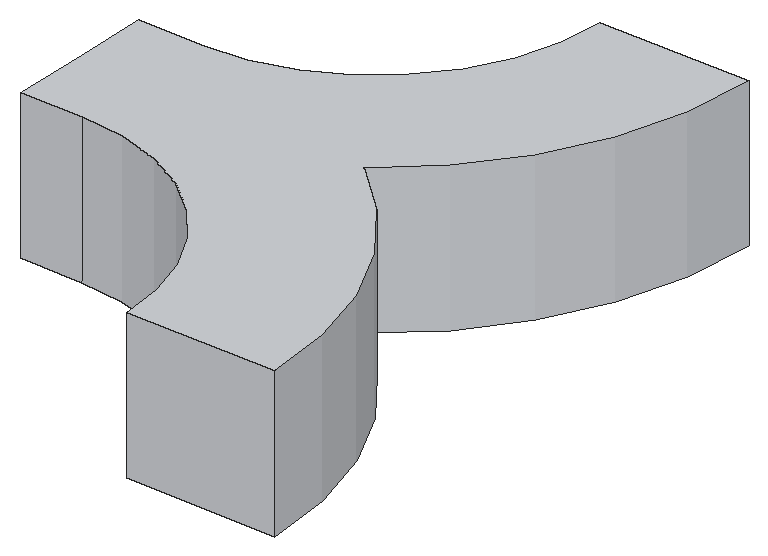
Revit family "M_Y retangular - Encaixe", category Conexões de duto, Revit 2019
Family settings
  Cota do conector redondo = Utilizar diâmetro
  Tipo de parte = Ipsílon
  Número OmniClass = 23.75.70.14
  Título OmniClass = Air Ductwork
  ID de item do Seek = Rectangular Wye - Dovetail-0000-CAN-ENU
  Com base no plano de trabalho = Não
  Sempre na vertical = Sim
  Corte com vazios quando carregada = Não
  Compartilhado = Não
Parameters (values of type "Padrão")
  Raio 2 [instance] = Largura do duto 3 * 2  # 600 mm
  Raio 1 [instance] = Largura do duto 2 * 2  # 600 mm
  Largura do duto 3 [instance] = 300 mm
  Largura do duto 2 [instance] = 300 mm
  Largura do duto 1 [instance] = 300 mm
  Comprimento do duto 6 [instance] = if(Comprimento do duto 1 > Comprimento do duto 2, 3048 mm - Comprimento do duto 2, 3048 mm - Comprimento do duto 1) + 3.175 mm  # 2451.175 mm
  Comprimento do duto 5 [instance] = sqrt(abs((Raio 2 - Largura do duto 3 / 2) ^ 2 - (Raio 2 - Largura do duto 1 / 2) ^ 2))  # 0 mm
  Comprimento do duto 4 [instance] = sqrt(abs((Raio 1 - Largura do duto 2 / 2) ^ 2 - (Raio 1 - Largura do duto 1 / 2) ^ 2))  # 0 mm
  Comprimento do duto 3 [instance] = if(Comprimento do duto 1 > Comprimento do duto 2, Comprimento do duto 1 + 125 mm, Comprimento do duto 2 + 125 mm)  # 725 mm
  Comprimento do duto 2 [instance] = Raio 2 * tan(Ângulo 3 / 2)  # 600 mm
  Comprimento do duto 1 [instance] = Raio 1 * tan(Ângulo 2 / 2)  # 600 mm
  Altura do duto [instance] = 300 mm
  Ângulo 3 [instance] = 90.00°
  Ângulo 2 [instance] = 90.00°
Reference planes
  plane 1 "Centro (Frente/Trás)": y = 0
  plane 2: z = 0
  plane 3 "Centro (Esquerda/Direita)": x = 0
  plane 4: x = -600
  plane 5: y = 600
  plane 6: x = -600
  plane 7: y = -600
  plane 8: x = -725
  plane 9: x = -600
  plane 10: x = -600
  plane 11: y = 150
  plane 12: y = -150
  plane 13: z = 150
  plane 14: z = -150
  plane 15: y = 152.4
  plane 16: y = -152.4
  plane 17: z = 152.4
  plane 18: z = -152.4
  plane 19: y = 152.4
  plane 20: y = -152.4
  plane 21: z = 152.4
  plane 22: z = -152.4
  plane 23: x = -3048
  plane 24: x = -596.825
Forms (mm)
  Extrusion 1, solid, detail levels medium+fine
    sketch origin (0, 0, 0) x (1, 0, 0) y (0, 1, 0)
      loop
        line (-725, 150) -> (-725, 0) -> (-600, 0) -> (-600, 150) -> (-725, 150)
    from -150 to 150
  Extrusion 2, solid, detail levels medium+fine
    sketch origin (0, 0, 0) x (1, 0, 0) y (0, 1, 0)
      loop
        line (-725, 150) -> (-725, 0) -> (-600, 0) -> (-600, 150) -> (-725, 150)
    from -150 to 150
  Extrusion 3, solid, detail levels medium+fine
    sketch origin (0, 0, 0) x (1, 0, 0) y (0, 1, 0)
      loop
        line (-725, 0) -> (-725, -150) -> (-600, -150) -> (-600, 0) -> (-725, 0)
    from -150 to 150
  Extrusion 4, solid, detail levels medium+fine
    sketch origin (0, 0, 0) x (1, 0, 0) y (0, 1, 0)
      loop
        line (-725, 0) -> (-725, -150) -> (-600, -150) -> (-600, 0) -> (-725, 0)
    from -150 to 150
  Sweep 5, solid, detail levels medium+fine
    path in 3D
      loop
        arc (-600, 0, 0) -> (-175.736, 175.736, 0) -> (0, 600, 0) r 600
    profile "M_Perfil do duto retangular : Duto - Retangular 2" origin (-175.736, 175.736, 0) x (-0.707107, 0.707107, 0) y (0, 0, 1)
      loop
        line (-150, 150) -> (-150, -150) -> (150, -150) -> (150, 150) -> (-150, 150)
  Sweep 6, solid, detail levels medium+fine
    path in 3D
      loop
        arc (-600, 0, 0) -> (-175.736, 175.736, 0) -> (0, 600, 0) r 600
    profile "M_Perfil do duto retangular : Duto - Retangular 2" origin (-175.736, 175.736, 0) x (-0.707107, 0.707107, 0) y (0, 0, 1)
      loop
        line (-150, 150) -> (-150, -150) -> (150, -150) -> (150, 150) -> (-150, 150)
  Sweep 7, solid, detail levels medium+fine
    path in 3D
      loop
        arc (-600, 0, 0) -> (-175.736, -175.736, 0) -> (0, -600, 0) r 600
    profile "M_Perfil do duto retangular : Duto - Retangular 3" origin (-175.736, -175.736, 0) x (0.707107, 0.707107, 0) y (0, 0, 1)
      loop
        line (-150, 150) -> (-150, -150) -> (150, -150) -> (150, 150) -> (-150, 150)
Cuts and joins
  joined: Extrusion 1, Extrusion 2, Extrusion 3, Extrusion 4, Sweep 5, Sweep 6, Sweep 7
Lines and regions (mm)
  reference lines
    curve 1: arc (-600, 0, 0) -> (-175.736, 175.736, 0) -> (0, 600, 0) r 600
    curve 3: arc (-600, 0, 0) -> (-175.736, -175.736, 0) -> (0, -600, 0) r 600
  sketch lines
    curve 2: arc (-600, 0, 0) -> (-175.736, 175.736, 0) -> (0, 600, 0) r 600
    curve 4: arc (-600, 0, 0) -> (-175.736, 175.736, 0) -> (0, 600, 0) r 600
    curve 5: arc (-600, 0, 0) -> (-175.736, -175.736, 0) -> (0, -600, 0) r 600
  model lines, detail levels coarse
    curve 6: arc (-600, 0, 0) -> (-175.736, 175.736, 0) -> (0, 600, 0) r 600
    curve 7: arc (-600, 0, 0) -> (-175.736, -175.736, 0) -> (0, -600, 0) r 600
    curve 8: line (-725, 0, 0) -> (-600, 0, 0)
Dimensions and locks
  "Raio 1": plane 1 "Centro (Frente/Trás)" to plane 5
  "Comprimento do duto 1": plane 4 to plane 3 "Centro (Esquerda/Direita)"
  "Raio 2": plane 1 "Centro (Frente/Trás)" to plane 7
  "Comprimento do duto 2": plane 6 to plane 3 "Centro (Esquerda/Direita)"
  "Comprimento do duto 3": plane 8 to plane 3 "Centro (Esquerda/Direita)"
  "Comprimento do duto 4": plane 4 to plane 9
  "Comprimento do duto 5": plane 6 to plane 10
  equal spacing: plane 11, plane 1 "Centro (Frente/Trás)", plane 12
  "Largura do duto 1": plane 11 to plane 12
  equal spacing: plane 13, plane 2, plane 14
  "Altura do duto": plane 13 to plane 14
  equal spacing: plane 15, plane 1 "Centro (Frente/Trás)", plane 16
  equal spacing: plane 17, plane 2, plane 18
  equal spacing: plane 19, plane 1 "Centro (Frente/Trás)", plane 20
  equal spacing: plane 21, plane 2, plane 22
  locked: plane 23 to plane 3 "Centro (Esquerda/Direita)" at 3048
  "Comprimento do duto 6": plane 23 to plane 24
  "Raio 1": radius of curve 1
  "Raio 2": radius of curve 3
  "Raio 1": radius of curve 6
  "Raio 2": radius of curve 7
  "Ângulo 2": angle curve 1 to curve 1
  "Ângulo 3": angle curve 3 to curve 3
  "Ângulo 2": angle curve 6 to curve 6
  "Ângulo 3": angle curve 7 to curve 7
  aligned and locked: Extrusion 1 sketch curve to plane 9
  aligned and locked: Extrusion 1 sketch curve to plane 11
  aligned and locked: plane 8 to Extrusion 1 sketch curve
  aligned and locked: Extrusion 1 sketch curve to plane 1 "Centro (Frente/Trás)"
  aligned and locked: Extrusion 2 sketch curve to plane 11
  aligned and locked: plane 8 to Extrusion 2 sketch curve
  aligned and locked: Extrusion 2 sketch curve to plane 1 "Centro (Frente/Trás)"
  aligned and locked: Extrusion 2 sketch curve to plane 6
  aligned and locked: Extrusion 2 to plane 14
  aligned and locked: plane 13 to Extrusion 2
  aligned and locked: Extrusion 1 to plane 14
  aligned and locked: plane 13 to Extrusion 1
  aligned and locked: Extrusion 3 sketch curve to plane 4
  aligned and locked: plane 1 "Centro (Frente/Trás)" to Extrusion 3 sketch curve
  aligned and locked: plane 8 to Extrusion 3 sketch curve
  aligned and locked: plane 12 to Extrusion 3 sketch curve
  aligned and locked: Extrusion 4 sketch curve to plane 10
  aligned and locked: plane 1 "Centro (Frente/Trás)" to Extrusion 4 sketch curve
  aligned and locked: plane 8 to Extrusion 4 sketch curve
  aligned and locked: plane 12 to Extrusion 4 sketch curve
  aligned and locked: Extrusion 4 to plane 14
  aligned and locked: plane 13 to Extrusion 4
  aligned and locked: Extrusion 3 to plane 14
  aligned and locked: plane 13 to Extrusion 3
  aligned and locked: plane 5 to curve 1
  aligned and locked: plane 4 to curve 1
  aligned and locked: plane 6 to curve 3  (x2)
  aligned and locked: plane 7 to curve 3
  aligned and locked: plane 4 to curve 6  (x2)
  aligned and locked: plane 6 to curve 7  (x2)
  aligned and locked: plane 7 to curve 7
  aligned and locked: plane 8 to curve 8
  aligned and locked: plane 1 "Centro (Frente/Trás)" to curve 8
Automatic sketch dimensions
  plane 1 "Centro (Frente/Trás)" to curve 6 = 0 mm
Connectors
  hvac at (-725, 0, 0), driven by "Altura do duto", driven by "Largura do duto 1"
    settings: on cut or joined group of Extrusion 1, Extrusion 2, Extrusion 3, Extrusion 4, Sweep 5, Sweep 6, Sweep 7, index 1, duct flow 0.0 L/s, flow factor 0, pres drop 0.0 Pa, loss coef 0, conn angle 0.00°, conn width 300 mm, conn height 300 mm, conn diameter 609.6 mm, duct sys type 28, conn prof type 1, flow config 0, flow direction 0, loss method 0, conn ref index -1, conn util no, is conn primary yes, conn desc ""
  hvac at (0, 600, 0), driven by "Ângulo 2", driven by "Altura do duto", driven by "Largura do duto 2"
    settings: on cut or joined group of Extrusion 1, Extrusion 2, Extrusion 3, Extrusion 4, Sweep 5, Sweep 6, Sweep 7, index 2, duct flow 0.0 L/s, flow factor 0, pres drop 0.0 Pa, loss coef 0, conn angle 90.00°, conn width 300 mm, conn height 300 mm, conn diameter 609.6 mm, duct sys type 28, conn prof type 1, flow config 0, flow direction 0, loss method 0, conn ref index -1, conn util no, is conn primary no, conn desc ""
  hvac at (0, -600, 0), driven by "Ângulo 3", driven by "Altura do duto", driven by "Largura do duto 3"
    settings: on cut or joined group of Extrusion 1, Extrusion 2, Extrusion 3, Extrusion 4, Sweep 5, Sweep 6, Sweep 7, index 3, duct flow 0.0 L/s, flow factor 0, pres drop 0.0 Pa, loss coef 0, conn angle 90.00°, conn width 300 mm, conn height 300 mm, conn diameter 609.6 mm, duct sys type 28, conn prof type 1, flow config 0, flow direction 0, loss method 0, conn ref index -1, conn util no, is conn primary no, conn desc ""
